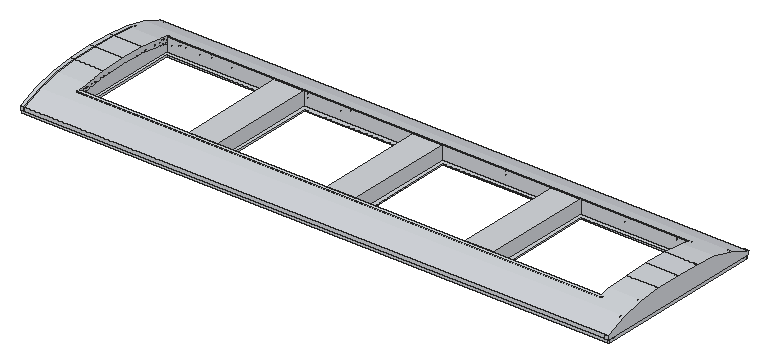
Revit family "Gira_0214771", category Electrical Fixtures, host Face, Revit 2017
Family settings
  Host = Face
  Maintain Annotation Orientation = No
  Round Connector Dimension = Use Diameter
  Part Type = Normal
  Cut with Voids When Loaded = No
  Shared = No
  Room Calculation Point = No
Parameters (values of type "Cov.fr. 4-g interm.fr. CW Gira Event Clear sand")
  With mounting grid = "No"
  With hinged lid = "No"
  URL = "http://katalog.gira.de/en/datenblatt.html?artikelnr=0214771"
  Type of fastening = "Clamp mounting"
  Transparent = "No"
  Surface protection = "Other"
  Surface finishing = "Glossy"
  Suitable for wall duct = "No"
  Suitable for flush-mounted installation = "No"
  Suitable for floor box = "No"
  Suitable for built-in installation = "No"
  Number of units vertical = "4"
  Number of units horizontal = "4"
  Number of units = "4"
  Name = "Cov.fr. 4-g interm.fr. CW Gira Event Clear sand"
  Mounting direction = "Horizontal and vertical"
  Material quality = "Thermoplastic"
  Material = "Plastic"
  Manufacturer URL = "https://www.gira.de/"
  Manufacturer = "Gira"
  Label space/information surface = "No"
  Keynote = ""
  HeinzeBIM = "https://bimportal.heinze.de/bim/cov-fr-4-g-interm-fr-cw-gira-event-clear-sand/c1e1beb8eb472d954ce9d39eee8b169cdc378359"
  Halogen free = "Yes"
  HAN = "0214771"
  GTIN = "4010337069539"
  Description = "Cov.fr.4g i.fr.CW EvCl SD,Gira Event Clear cover frame,sand with cream white glossy intermediate frame,4-gang,Features:,- Shatter-proof."
  Degree of protection (IP) = "IP20"
  Default Elevation = 1219.2 mm
  Data sheet (1) = "https://katalog.gira.de/en/download.html?artikelnr=0214771"
  Colour = "Other"
  Category = "Cover frame for domestic switching devices"
  BIM (1) = "https://media.stage.bim.site/public/gira/36a6b08/Event_Rahmen_4fach.rfa"
  Available = "No"
Reference planes
  plane 1 "Center (Front/Back)": y = 0
  plane 2: z = 0
  plane 3 "Center (Left/Right)": x = 0
Forms (mm)
  Extrusion 1, solid, detail levels fine
    sketch origin (0, 0, 0.05) x (0, 1, 0) y (0, 0, 1)
      loop
        arc (12.445, 9.683) -> (6.223, 9.833) -> (0, 9.85) r 291.636
        arc (0, 9.85) -> (-6.223, 9.833) -> (-12.445, 9.683) r 291.636
        arc (-12.445, 9.683) -> (-29.14, 7.482) -> (-45, 1.823) r 79.728
        line (-45, 1.823) -> (-45, -0.05) -> (-42.086, -0.05)
        arc (-42.086, -0.05) -> (-21.385, 5.559) -> (0, 7.206) r 114.424
        arc (0, 7.206) -> (21.385, 5.559) -> (42.086, -0.05) r 114.424
        line (42.086, -0.05) -> (45, -0.05) -> (45, 1.823)
        arc (45, 1.823) -> (29.14, 7.482) -> (12.445, 9.683) r 79.728
    from -151.95 to 151.935
  Extrusion 2, void, detail levels fine
    sketch origin (0, 0, 0) x (1, 0, 0) y (0, 1, 0)
      loop
        line (134.95, 28.035) -> (-134.95, 28.035) -> (-134.95, -28.035) -> (134.95, -28.035) -> (134.95, 28.035)
    from 0.724 to 11
  Extrusion 3, solid, detail levels coarse
    sketch origin (0, 0, 0) x (1, 0, 0) y (0, 1, 0)
      loop
        line (-151.95, 45) -> (-151.95, -45) -> (151.935, -45) -> (151.935, 45) -> (-151.95, 45)
    from -1.5 to 9.9
  Extrusion 4, solid, detail levels medium
    sketch origin (0, 0, 0.05) x (0, 1, 0) y (0, 0, 1)
      loop
        arc (12.445, 9.683) -> (6.223, 9.833) -> (0, 9.85) r 291.636
        arc (0, 9.85) -> (-6.223, 9.833) -> (-12.445, 9.683) r 291.636
        arc (-12.445, 9.683) -> (-29.14, 7.482) -> (-45, 1.823) r 79.728
        line (-45, 1.823) -> (-45, -0.05) -> (45, -0.05) -> (45, 1.823)
        arc (45, 1.823) -> (29.14, 7.482) -> (12.445, 9.683) r 79.728
    from -151.95 to 151.935
  Extrusion 5, solid, detail levels fine
    sketch origin (-106.95, 0, -1.5) x (0, 1, 0) y (0, 0, -1)
      loop
        line (45, -3.373) -> (45, -1.5) -> (-45, -1.5) -> (-45, -3.373)
        arc (-45, -3.373) -> (-29.14, -9.032) -> (-12.445, -11.233) r 79.728
        arc (-12.445, -11.233) -> (-6.223, -11.383) -> (0, -11.4) r 291.636
        arc (0, -11.4) -> (6.223, -11.383) -> (12.445, -11.233) r 291.636
        arc (12.445, -11.233) -> (29.14, -9.032) -> (45, -3.373) r 79.728
    from 43 to 45
  Extrusion 6, solid, detail levels fine
    sketch origin (0, 0, 0) x (1, 0, 0) y (0, 1, 0)
      loop
        line (-132.85, 25.7) -> (-132.85, -25.7) -> (-81.05, -25.7) -> (-81.05, 25.7) -> (-132.85, 25.7)
      loop
        line (-9.755, -25.7) -> (-9.755, 25.7) -> (-61.555, 25.7) -> (-61.555, -25.7) -> (-9.755, -25.7)
      loop
        line (-135.845, 28.49) -> (-135.845, -28.495)
        spline (-135.845, -28.495) -> (-135.836, -28.625) -> (-135.811, -28.754) -> (-135.769, -28.878) -> (-135.711, -28.995) -> (-135.638, -29.104) -> (-135.552, -29.202) -> (-135.454, -29.288) -> (-135.345, -29.361) -> (-135.228, -29.419) -> (-135.104, -29.461) -> (-134.975, -29.486) -> (-134.845, -29.495)
        line (-134.845, -29.495) -> (134.845, -29.495)
        spline (134.845, -29.495) -> (134.975, -29.486) -> (135.104, -29.461) -> (135.228, -29.419) -> (135.345, -29.361) -> (135.454, -29.288) -> (135.552, -29.202) -> (135.638, -29.104) -> (135.711, -28.995) -> (135.769, -28.878) -> (135.811, -28.754) -> (135.836, -28.625) -> (135.845, -28.495)
        line (135.845, -28.495) -> (135.845, 28.49)
        spline (135.845, 28.49) -> (135.836, 28.62) -> (135.811, 28.748) -> (135.769, 28.872) -> (135.711, 28.99) -> (135.638, 29.098) -> (135.552, 29.197) -> (135.454, 29.283) -> (135.345, 29.356) -> (135.228, 29.413) -> (135.104, 29.456) -> (134.975, 29.481) -> (134.845, 29.49)
        line (134.845, 29.49) -> (-134.845, 29.49)
        spline (-134.845, 29.49) -> (-134.975, 29.481) -> (-135.104, 29.456) -> (-135.228, 29.413) -> (-135.345, 29.356) -> (-135.454, 29.283) -> (-135.552, 29.197) -> (-135.638, 29.098) -> (-135.711, 28.99) -> (-135.769, 28.872) -> (-135.811, 28.748) -> (-135.836, 28.62) -> (-135.845, 28.49)
      loop
        line (61.545, -25.7) -> (61.545, 25.7) -> (9.745, 25.7) -> (9.745, -25.7) -> (61.545, -25.7)
      loop
        line (132.85, -25.7) -> (132.85, 25.7) -> (81.05, 25.7) -> (81.05, -25.7) -> (132.85, -25.7)
    from 0.1 to 7.3
  Extrusion 7, solid
    sketch origin (0, 0, 0) x (1, 0, 0) y (0, 1, 0)
      loop
        arc (-151.65, -44.218) -> (-151.504, -44.572) -> (-151.15, -44.718) r 0.5
        line (-151.15, -44.718) -> (151.15, -44.718)
        arc (151.15, -44.718) -> (151.504, -44.572) -> (151.65, -44.218) r 0.5
        line (151.65, -44.218) -> (151.65, 44.182)
        arc (151.65, 44.182) -> (151.504, 44.535) -> (151.15, 44.682) r 0.5
        line (151.15, 44.682) -> (-151.15, 44.682)
        arc (-151.15, 44.682) -> (-151.504, 44.535) -> (-151.65, 44.182) r 0.5
        line (-151.65, 44.182) -> (-151.65, -44.218)
      loop
        line (-149.95, 42.982) -> (-149.95, -43.018) -> (149.95, -43.018) -> (149.95, 42.982) -> (-149.95, 42.982)
    from -1.5 to 0.5
  Extrusion 8, solid, detail levels fine
    sketch origin (106.935, 0, -1.5) x (0, 1, 0) y (0, 0, 1)
      loop
        arc (45, 3.373) -> (29.14, 9.032) -> (12.445, 11.233) r 79.728
        arc (12.445, 11.233) -> (6.223, 11.383) -> (0, 11.4) r 291.636
        arc (0, 11.4) -> (-6.223, 11.383) -> (-12.445, 11.233) r 291.636
        arc (-12.445, 11.233) -> (-29.14, 9.032) -> (-45, 3.373) r 79.728
        line (-45, 3.373) -> (-45, 1.5) -> (45, 1.5) -> (45, 3.373)
    from 43 to 45
  Extrusion 9, solid, detail levels medium
    sketch origin (0, 0, 0) x (1, 0, 0) y (0, 1, 0)
      loop
        line (-151.65, -44.718) -> (151.65, -44.718) -> (151.65, 44.682) -> (-151.65, 44.682) -> (-151.65, -44.718)
    from -1.5 to 0.5
  Extrusion 10, solid, detail levels fine
    sketch origin (-69.857, 0, 0) x (1, 0, 0) y (0, 1, 0)
      loop
        line (-8.943, 28.063) -> (-8.943, -27.937) -> (6.057, -27.937) -> (6.057, 28.063) -> (-8.943, 28.063)
    from 0.724 to 7.566
  Extrusion 11, solid, detail levels fine
    sketch origin (-1.443, 0, 0) x (-1, 0, 0) y (0, -1, 0)
      loop
        line (-8.943, -28.063) -> (6.057, -28.063) -> (6.057, 27.937) -> (-8.943, 27.937) -> (-8.943, -28.063)
    from 0.724 to 7.566
  Extrusion 12, solid, detail levels fine
    sketch origin (69.857, 0, 0) x (-1, 0, 0) y (0, -1, 0)
      loop
        line (-8.943, -28.063) -> (6.057, -28.063) -> (6.057, 27.937) -> (-8.943, 27.937) -> (-8.943, -28.063)
    from 0.724 to 7.566
Cuts and joins
  Extrusion 2 cuts Extrusion 1
  Extrusion 2 cuts Extrusion 6
Dimensions and locks
  aligned and locked: plane 2 to host face
  aligned and locked: level to host face
